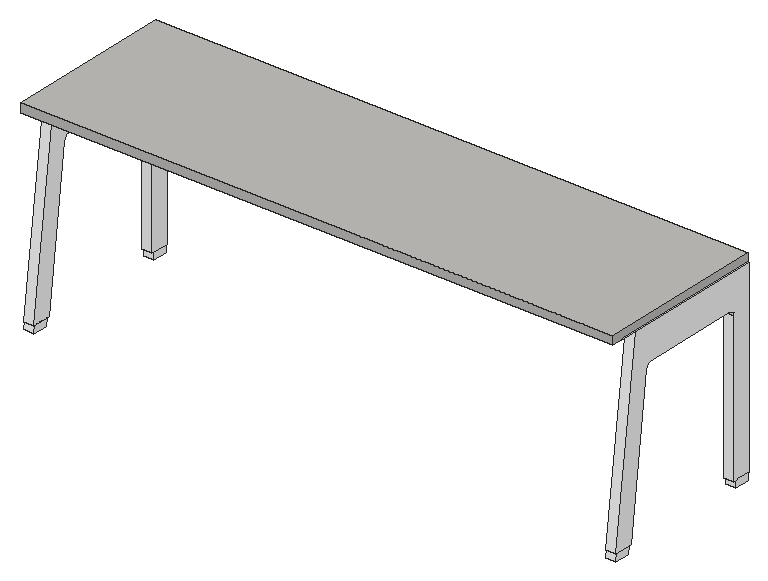
Revit family "Worksurface-Mounted-Teknion-JNWSSN-Single_Sided_Rectangular-R2016", category Furniture, Revit 2016
Family settings
  OmniClass Number = 23.40.20.00
  OmniClass Title = General Furniture and Specialties
  Work Plane-Based = No
  Always vertical = Yes
  Cut with Voids When Loaded = No
  Shared = Yes
  Room Calculation Point = No
Parameters (values of type "24" Depth")
  hiSpace Leg Width [instance] = if(or(hiSpace Leg 66 inch Width, hiSpace Leg 72 inch Width), 57.579", if(hiSpace Leg 48 inch Width, 39.579", if(hiSpace Leg 54 inch Width, 45.579", if(hiSpace Leg 60 inch Width, 51.579", 39.579"))))  # 39.579"
  hiSpace Leg Depth [instance] = if(Depth = 24.000", 23.165", if(Depth = 30.000", 29.165", 23.165"))  # 23.165"
  hiSpace Leg 72 inch Width [instance] = no
  hiSpace Leg 66 inch Width [instance] = no
  hiSpace Leg 60 inch Width [instance] = no
  hiSpace Leg 54 inch Width [instance] = no
  hiSpace Leg 48 inch Width [instance] = yes
  Worksurface Finish [instance] = Foundation Laminate - Teknion - LW - Storm White
  Width Note [instance] = "Widths for Single Sided Rectangular Worksurface vary in range from 24 to 81 inches in 3 inch increments and from 84 to 96 inches in 6 inch increments. Widths for the Single Sided Rectangular Cross Grain Worksurface vary in range from 24 to 60 inches in 3 inch increments."  # constant formula
  Width [instance] = 84.000"
  Warranty = "http://www.teknion.com/ca/papers/legal-canada"
  Unit Weight URL = "http://www.teknion.com/ca/tools/assets#&asset=bee6a381-b954-425e-8283-5a2de3a804f2,f828d448-4b62-4231-9e5f-9a8991c0ed77"
  URL = "www.teknion.com"
  Note [instance] = "Choose between a hiSpace Height Adjustable Base or a Freestanding Angled Leg"  # constant formula
  Model = "JNWSSN/JNWSCN"  # constant formula
  Leg Paint Finish [instance] = Mica - Teknion - V - Satin - Very White
  Height Note [instance] = "Height Adjustable Base has a maximum height of 50.5 inches and minimum height of 25.5 inches. Freestanding Leg comes in a standard height of 29."  # constant formula
  Has hiSpace Height Adjustable - Base Only [instance] = no
  Grommet Finish [instance] = Mica - Teknion - V - Satin - Very White
  Description = "Single-Sided Retangular Worksurface"  # constant formula
  Base Finish [instance] = Mica - Teknion - V - Satin - Very White
  Accessory Note [instance] = "Power and Data Access options are not all available for every size. Refer to specification software for available options."  # constant formula
  Has Two Grommets [instance] = no
  Sustainability Data = "http://www.teknion.com/ca/tools/assets#&topic=216f99a5-57a0-44fc-b10a-9dee9b29ae4c&asset=444deb64-fe58-4b68-981e-f75e97781df7"
  Series = "Expansion Cityline"  # constant formula
  Right Square Cut-Out Hole Depth [instance] = if([Has Right Square Cut-Out & Center Grommet], 12.000", 1.000")  # 1.000"
  Has Right Square Cut-Out & Center Grommet [instance] = no
  Right Grommet Hole Depth [instance] = if(Has Two Grommets, 12.000", 1.000")  # 1.000"
  Right End Access Door Hole Depth [instance] = if(Has Right End Access Door & Center Grommet, 12.000", 1.000")  # 1.000"
  Access Door Finish [instance] = Mica - Teknion - V - Satin - Very White
  Access Door - Right Hole Depth [instance] = if(or(Has Right Access Door, Has Right Access Door & Center Grommet), 12.000", 1.000")  # 1.000"
  Product Page URL = "http://www.teknion.com/ca/products/product-details?productlineid=9ad2a26e-8e7a-673b-a6c8-ff05004460c4"
  Product Line = "Expansion Cityline"  # constant formula
  Product Documentation Link = "http://www.teknion.com/pricing/expansion-cityline/pdfs/JNWSSN_ppg.pdf"
  Part Number = "JNWSSN/JNWSCN"  # constant formula
  Has Right Freestanding Angled Leg [instance] = yes
  Has Right End Access Door & Center Grommet [instance] = no
  Has Right Access Door & Center Grommet [instance] = no
  Has One Grommet [instance] = no
  Has No Grommets & Accessories [instance] = yes
  Manufacturer Phone = "416-661-3370"  # constant formula
  Manufacturer Fax = "416.661.4586"  # constant formula
  Manufacturer Contact Information = "http://www.teknion.com/ca/contactus"
  Manufacturer Address = "1150 Flint Road, Toronto, ON. M3J 2J5. Canada"  # constant formula
  Manufacturer = "Teknion"  # constant formula
  Left Square Cut-Out Hole Depth [instance] = if([Has Left Square Cut-Out & Center Grommet], 12.000", 1.000")  # 1.000"
  Has Left Square Cut-Out & Center Grommet [instance] = no
  Left Grommet Hole Depth [instance] = if(Has Two Grommets, 12.000", 1.000")  # 1.000"
  Left End Access Door Hole Depth [instance] = if(Has Left End Access Door & Center Grommet, 12.000", 1.000")  # 1.000"
  Height [instance] = 29.000"
  Has Left Freestanding Angled Leg [instance] = yes
  Has Left End Access Door & Center Grommet [instance] = no
  Has Left Access Door & Center Grommet [instance] = no
  Has Left Access Door [instance] = no
  Has Right Access Door [instance] = no
  Centre Grommet Hole Depth [instance] = if(or(Has One Grommet, Has Left Access Door & Center Grommet, Has Right Access Door & Center Grommet, Has Left End Access Door & Center Grommet, Has Right End Access Door & Center Grommet, [Has Left Square Cut-Out & Center Grommet], [Has Right Square Cut-Out & Center Grommet]), 12.000", 1.000")  # 1.000"
  Depth = 24.000"
  Centre Grommet Cap [instance] = or(Has One Grommet, Has Left Access Door & Center Grommet, Has Right Access Door & Center Grommet, Has Left End Access Door & Center Grommet, Has Right End Access Door & Center Grommet, [Has Left Square Cut-Out & Center Grommet], [Has Right Square Cut-Out & Center Grommet])  # no
  Assembly Code = "E2020200"
  Has Center Access Door [instance] = no
  Access Door - Center Hole Depth [instance] = if(Has Center Access Door, 12.000", 1.000")  # 1.000"
  Access Door - Right [instance] = or(Has Right Access Door, Has Right Access Door & Center Grommet)  # no
  Access Door - Left Hole Depth [instance] = if(or(Has Left Access Door, Has Left Access Door & Center Grommet), 12.000", 1.000")  # 1.000"
  Access Door - Left [instance] = or(Has Left Access Door, Has Left Access Door & Center Grommet)  # no
Reference planes (in)
  plane 1 "Center Front/Back": y = 35.78173
  plane 2: z = 0
  plane 3 "Center Left/Right": x = 0
  plane 4 "Left": x = -42
  plane 5 "Right": x = 42
  plane 6 "Back": y = 47.78173
  plane 7 "Front": y = 23.78173
  plane 8 "Top": z = 29
  plane 9: z = 27.81102
  plane 10: z = 31.36625
  plane 11: z = 27.69291
  plane 12: x = -40.5
  plane 13: x = 40.5
  plane 14: z = 0.97598
  plane 15: z = 0.14134
  plane 16: z = 25.92126
  plane 17: z = 25.52756
  plane 18: z = 20.67677
  plane 19: y = 44.99039
  plane 20: y = 29.24236
  plane 21 "1": x = -19.56697
  plane 22 "2": x = -17.40161
  plane 23 "hiSpace Left": x = -19.7895
  plane 24 "hiSpace Right": x = 19.7895
  plane 25 "hiSpace Back": y = 46.6969
  plane 26 "hiSpace Front": y = 23.5319
  plane 27: y = 35.1144
Forms (in)
  Extrusion 1, solid, material "Foundation Laminate - Teknion - LW - Storm White" <- "Worksurface Finish"
    sketch origin (0, 0, 0) x (1, 0, 0) y (0, 1, 0)
      loop
        line (-42, 47.78173) -> (-42, 23.78173) -> (42, 23.78173) -> (42, 47.78173) -> (-42, 47.78173)
    from 27.81102 to 29
  Extrusion 2, void
    sketch origin (0, 0, 0) x (1, 0, 0) y (0, 1, 0)
      loop
        line (-3.32716, 43.81006) -> (-3.32716, 40.96599) -> (3.32716, 40.96599) -> (3.32716, 43.81006) -> (-3.32716, 43.81006)
    from 30.36625 to 31.36625
  Extrusion 3, solid, material "Mica - Teknion - V - Satin - Very White" <- "Grommet Finish", visible <- "Centre Grommet Cap"
    sketch origin (0, 0, 0) x (1, 0, 0) y (0, 1, 0)
      loop
        line (-3.32716, 43.81006) -> (-3.32716, 40.96599) -> (-0.47893, 40.96599) -> (-0.47893, 43.81006) -> (-3.32716, 43.81006)
    from 29 to 29.15748
  Extrusion 4, solid, material "Mica - Teknion - V - Satin - Very White" <- "Grommet Finish", visible <- "Centre Grommet Cap"
    sketch origin (0, 0, 0) x (1, 0, 0) y (0, 1, 0)
      loop
        line (-0.47893, 43.81006) -> (-0.47893, 42.6007) -> (1.79967, 42.6007) -> (1.79967, 42.17535) -> (-0.47893, 42.17535) -> (-0.47893, 40.96599) -> (3.32716, 40.96599) -> (3.32716, 43.81006) -> (-0.47893, 43.81006)
    from 29 to 29.15748
  Extrusion 5, solid, material "Mica - Teknion - V - Satin - Very White" <- "Grommet Finish", visible <- "Has Two Grommets"
    sketch origin (-36, 0, 0) x (1, 0, 0) y (0, 1, 0)
      loop
        line (2.67284, 43.81006) -> (2.67284, 40.96599) -> (5.52107, 40.96599) -> (5.52107, 43.81006) -> (2.67284, 43.81006)
    from 29 to 29.07874
  Extrusion 6, solid, material "Mica - Teknion - V - Satin - Very White" <- "Grommet Finish", visible <- "Has Two Grommets"
    sketch origin (-36, 0, 0) x (1, 0, 0) y (0, 1, 0)
      loop
        line (5.52107, 43.81006) -> (5.52107, 42.6007) -> (7.79967, 42.6007) -> (7.79967, 42.17535) -> (5.52107, 42.17535) -> (5.52107, 40.96599) -> (9.32716, 40.96599) -> (9.32716, 43.81006) -> (5.52107, 43.81006)
    from 29 to 29.07874
  Extrusion 7, solid, material "Mica - Teknion - V - Satin - Very White" <- "Grommet Finish", visible <- "Has Two Grommets"
    sketch origin (36, 0, 0) x (-1, 0, 0) y (0, -1, 0)
      loop
        line (2.67284, -43.81006) -> (5.52107, -43.81006) -> (5.52107, -40.96599) -> (2.67284, -40.96599) -> (2.67284, -43.81006)
    from 29 to 29.07874
  Extrusion 8, solid, material "Mica - Teknion - V - Satin - Very White" <- "Grommet Finish", visible <- "Has Two Grommets"
    sketch origin (36, 0, 0) x (-1, 0, 0) y (0, -1, 0)
      loop
        line (5.52107, -43.81006) -> (9.32716, -43.81006) -> (9.32716, -40.96599) -> (5.52107, -40.96599) -> (5.52107, -42.17535) -> (7.79967, -42.17535) -> (7.79967, -42.6007) -> (5.52107, -42.6007) -> (5.52107, -43.81006)
    from 29 to 29.07874
  Extrusion 9, void
    sketch origin (0, 0, 0) x (1, 0, 0) y (0, 1, 0)
      loop
        line (-33.32716, 43.81006) -> (-33.32716, 40.96599) -> (-26.67284, 40.96599) -> (-26.67284, 43.81006) -> (-33.32716, 43.81006)
    from 30.36625 to 31.36625
  Extrusion 10, void
    sketch origin (0, 0, 0) x (1, 0, 0) y (0, 1, 0)
      loop
        line (26.67284, 43.81006) -> (26.67284, 40.96599) -> (33.32716, 40.96599) -> (33.32716, 43.81006) -> (26.67284, 43.81006)
    from 30.36625 to 31.36625
  Extrusion 11, solid, material "Foundation Laminate - Teknion - LW - Storm White" <- "Worksurface Finish", visible <- "Has Left Square Cut-Out & Center Grommet"
    sketch origin (0, 0, 0) x (1, 0, 0) y (0, 1, 0)
      loop
        line (-29.05276, 41.80141) -> (-29.05276, 42.97464)
        arc (-29.05276, 42.97464) -> (-29.15838, 43.22964) -> (-29.41339, 43.33527) r 0.36063
        line (-29.41339, 43.33527) -> (-30.58661, 43.33527)
        arc (-30.58661, 43.33527) -> (-30.84162, 43.22964) -> (-30.94724, 42.97464) r 0.36063
        line (-30.94724, 42.97464) -> (-30.94724, 41.80141)
        arc (-30.94724, 41.80141) -> (-30.84162, 41.54641) -> (-30.58661, 41.44078) r 0.36063
        line (-30.58661, 41.44078) -> (-29.41339, 41.44078)
        arc (-29.41339, 41.44078) -> (-29.15838, 41.54641) -> (-29.05276, 41.80141) r 0.36063
      loop
        arc (-30.58661, 43.2644) -> (-30.79151, 43.17953) -> (-30.87638, 42.97464) r 0.28976
        line (-30.87638, 42.97464) -> (-30.87638, 41.80141)
        arc (-30.87638, 41.80141) -> (-30.79151, 41.59652) -> (-30.58661, 41.51165) r 0.28976
        line (-30.58661, 41.51165) -> (-29.41339, 41.51165)
        arc (-29.41339, 41.51165) -> (-29.20849, 41.59652) -> (-29.12362, 41.80141) r 0.28976
        line (-29.12362, 41.80141) -> (-29.12362, 42.97464)
        arc (-29.12362, 42.97464) -> (-29.20849, 43.17953) -> (-29.41339, 43.2644) r 0.28976
        line (-29.41339, 43.2644) -> (-30.58661, 43.2644)
    from 27.44488 to 29
  Extrusion 12, void
    sketch origin (0, 0, 0) x (1, 0, 0) y (0, 1, 0)
      loop
        arc (-30.58661, 43.33527) -> (-30.84162, 43.22964) -> (-30.94724, 42.97464) r 0.36063
        line (-30.94724, 42.97464) -> (-30.94724, 41.80141)
        arc (-30.94724, 41.80141) -> (-30.84162, 41.54641) -> (-30.58661, 41.44078) r 0.36063
        line (-30.58661, 41.44078) -> (-29.41339, 41.44078)
        arc (-29.41339, 41.44078) -> (-29.15838, 41.54641) -> (-29.05276, 41.80141) r 0.36063
        line (-29.05276, 41.80141) -> (-29.05276, 42.97464)
        arc (-29.05276, 42.97464) -> (-29.15838, 43.22964) -> (-29.41339, 43.33527) r 0.36063
        line (-29.41339, 43.33527) -> (-30.58661, 43.33527)
    from 30.36625 to 31.36625
  Extrusion 13, solid, material "Foundation Laminate - Teknion - LW - Storm White" <- "Worksurface Finish", visible <- "Has Right Square Cut-Out & Center Grommet"
    sketch origin (0, 0, 0) x (-1, 0, 0) y (0, -1, 0)
      loop
        arc (-29.05276, -41.80141) -> (-29.15838, -41.54641) -> (-29.41339, -41.44078) r 0.36063
        line (-29.41339, -41.44078) -> (-30.58661, -41.44078)
        arc (-30.58661, -41.44078) -> (-30.84162, -41.54641) -> (-30.94724, -41.80141) r 0.36063
        line (-30.94724, -41.80141) -> (-30.94724, -42.97464)
        arc (-30.94724, -42.97464) -> (-30.84162, -43.22964) -> (-30.58661, -43.33527) r 0.36063
        line (-30.58661, -43.33527) -> (-29.41339, -43.33527)
        arc (-29.41339, -43.33527) -> (-29.15838, -43.22964) -> (-29.05276, -42.97464) r 0.36063
        line (-29.05276, -42.97464) -> (-29.05276, -41.80141)
      loop
        line (-30.58661, -43.2644) -> (-29.41339, -43.2644)
        arc (-29.41339, -43.2644) -> (-29.20849, -43.17953) -> (-29.12362, -42.97464) r 0.28976
        line (-29.12362, -42.97464) -> (-29.12362, -41.80141)
        arc (-29.12362, -41.80141) -> (-29.20849, -41.59652) -> (-29.41339, -41.51165) r 0.28976
        line (-29.41339, -41.51165) -> (-30.58661, -41.51165)
        arc (-30.58661, -41.51165) -> (-30.79151, -41.59652) -> (-30.87638, -41.80141) r 0.28976
        line (-30.87638, -41.80141) -> (-30.87638, -42.97464)
        arc (-30.87638, -42.97464) -> (-30.79151, -43.17953) -> (-30.58661, -43.2644) r 0.28976
    from 29 to 29.07874
  Extrusion 14, void
    sketch origin (0, 0, 0) x (-1, 0, 0) y (0, -1, 0)
      loop
        line (-30.58661, -43.33527) -> (-29.41339, -43.33527)
        arc (-29.41339, -43.33527) -> (-29.15838, -43.22964) -> (-29.05276, -42.97464) r 0.36063
        line (-29.05276, -42.97464) -> (-29.05276, -41.80141)
        arc (-29.05276, -41.80141) -> (-29.15838, -41.54641) -> (-29.41339, -41.44078) r 0.36063
        line (-29.41339, -41.44078) -> (-30.58661, -41.44078)
        arc (-30.58661, -41.44078) -> (-30.84162, -41.54641) -> (-30.94724, -41.80141) r 0.36063
        line (-30.94724, -41.80141) -> (-30.94724, -42.97464)
        arc (-30.94724, -42.97464) -> (-30.84162, -43.22964) -> (-30.58661, -43.33527) r 0.36063
    from 30.36625 to 31.36625
  Extrusion 15, solid, material "Mica - Teknion - V - Satin - Very White" <- "Access Door Finish", visible <- "Has Center Access Door"
    sketch origin (0, 0, 29) x (-1, 0, 0) y (0, -1, 0)
      loop
        line (-4.40945, -45.19511) -> (4.40945, -45.19511) -> (4.40945, -39.36834) -> (-4.40945, -39.36834) -> (-4.40945, -45.19511)
      loop
        line (-4.72441, -45.51007) -> (4.72441, -45.51007) -> (4.72441, -39.05338) -> (-4.72441, -39.05338) -> (-4.72441, -45.51007)
    from 0 to 0.07874
  Extrusion 16, solid, material "Mica - Teknion - V - Satin - Very White" <- "Access Door Finish", visible <- "Has Center Access Door"
    sketch origin (0, 0, 29) x (-1, 0, 0) y (0, -1, 0)
      loop
        line (4.37008, -44.66362) -> (4.37008, -39.89984) -> (-4.37008, -39.89984) -> (-4.37008, -44.66362) -> (4.37008, -44.66362)
    from 0 to 0.07874
  Extrusion 17, void
    sketch origin (0, 0, 0) x (1, 0, 0) y (0, 1, 0)
      loop
        line (-4.72441, 45.51007) -> (-4.72441, 39.05338) -> (4.72441, 39.05338) -> (4.72441, 45.51007) -> (-4.72441, 45.51007)
    from 30.36625 to 31.36625
  Extrusion 18, solid, material "Mica - Teknion - V - Satin - Very White" <- "Access Door Finish", visible <- "Access Door - Left"
    sketch origin (-33, 0, 29) x (-1, 0, 0) y (0, -1, 0)
      loop
        line (-10.40945, -45.19511) -> (-1.59055, -45.19511) -> (-1.59055, -39.36834) -> (-10.40945, -39.36834) -> (-10.40945, -45.19511)
      loop
        line (-10.72441, -45.51007) -> (-1.27559, -45.51007) -> (-1.27559, -39.05338) -> (-10.72441, -39.05338) -> (-10.72441, -45.51007)
    from 0 to 0.07874
  Extrusion 19, solid, material "Mica - Teknion - V - Satin - Very White" <- "Access Door Finish", visible <- "Access Door - Left"
    sketch origin (-33, 0, 29) x (-1, 0, 0) y (0, -1, 0)
      loop
        line (-1.62992, -44.66362) -> (-1.62992, -39.89984) -> (-10.37008, -39.89984) -> (-10.37008, -44.66362) -> (-1.62992, -44.66362)
    from 0 to 0.07874
  Extrusion 20, void
    sketch origin (-33, 0, 0) x (1, 0, 0) y (0, 1, 0)
      loop
        line (1.27559, 45.51007) -> (1.27559, 39.05338) -> (10.72441, 39.05338) -> (10.72441, 45.51007) -> (1.27559, 45.51007)
    from 30.36625 to 31.36625
  Extrusion 21, solid, material "Mica - Teknion - V - Satin - Very White" <- "Access Door Finish", visible <- "Access Door - Right"
    sketch origin (33, 0, 29) x (1, 0, 0) y (0, 1, 0)
      loop
        line (-10.40945, 45.19511) -> (-10.40945, 39.36834) -> (-1.59055, 39.36834) -> (-1.59055, 45.19511) -> (-10.40945, 45.19511)
      loop
        line (-10.72441, 45.51007) -> (-10.72441, 39.05338) -> (-1.27559, 39.05338) -> (-1.27559, 45.51007) -> (-10.72441, 45.51007)
    from 0 to 0.07874
  Extrusion 22, solid, material "Mica - Teknion - V - Satin - Very White" <- "Access Door Finish", visible <- "Access Door - Right"
    sketch origin (33, 0, 29) x (1, 0, 0) y (0, 1, 0)
      loop
        line (-1.62992, 44.66362) -> (-10.37008, 44.66362) -> (-10.37008, 39.89984) -> (-1.62992, 39.89984) -> (-1.62992, 44.66362)
    from 0 to 0.07874
  Extrusion 23, void
    sketch origin (33, 0, 0) x (-1, 0, 0) y (0, -1, 0)
      loop
        line (1.27559, -45.51007) -> (10.72441, -45.51007) -> (10.72441, -39.05338) -> (1.27559, -39.05338) -> (1.27559, -45.51007)
    from 30.36625 to 31.36625
  Extrusion 24, solid, material "Mica - Teknion - V - Satin - Very White" <- "Access Door Finish", visible <- "Has Left End Access Door & Center Grommet"
    sketch origin (-84.79452, 32.78173, 29) x (0, 1, 0) y (-1, 0, 0)
      loop
        line (-1.40945, -51.19511) -> (7.40945, -51.19511) -> (7.40945, -45.36834) -> (-1.40945, -45.36834) -> (-1.40945, -51.19511)
      loop
        line (-1.72441, -51.51007) -> (7.72441, -51.51007) -> (7.72441, -45.05338) -> (-1.72441, -45.05338) -> (-1.72441, -51.51007)
    from 0 to 0.07874
  Extrusion 25, solid, material "Mica - Teknion - V - Satin - Very White" <- "Access Door Finish", visible <- "Has Left End Access Door & Center Grommet"
    sketch origin (-84.79452, 32.78173, 29) x (0, 1, 0) y (-1, 0, 0)
      loop
        line (7.37008, -50.66362) -> (7.37008, -45.89984) -> (-1.37008, -45.89984) -> (-1.37008, -50.66362) -> (7.37008, -50.66362)
    from 0 to 0.07874
  Extrusion 26, void
    sketch origin (-84.79452, 32.78173, 0) x (0, -1, 0) y (1, 0, 0)
      loop
        line (-7.72441, 51.51007) -> (-7.72441, 45.05338) -> (1.72441, 45.05338) -> (1.72441, 51.51007) -> (-7.72441, 51.51007)
    from 30.36625 to 31.36625
  Extrusion 27, solid, material "Mica - Teknion - V - Satin - Very White" <- "Access Door Finish", visible <- "Has Right End Access Door & Center Grommet"
    sketch origin (84.79452, 32.78173, 29) x (0, 1, 0) y (-1, 0, 0)
      loop
        line (-1.40945, 51.19511) -> (-1.40945, 45.36834) -> (7.40945, 45.36834) -> (7.40945, 51.19511) -> (-1.40945, 51.19511)
      loop
        line (-1.72441, 51.51007) -> (-1.72441, 45.05338) -> (7.72441, 45.05338) -> (7.72441, 51.51007) -> (-1.72441, 51.51007)
    from 0 to 0.07874
  Extrusion 28, solid, material "Mica - Teknion - V - Satin - Very White" <- "Access Door Finish", visible <- "Has Right End Access Door & Center Grommet"
    sketch origin (84.79452, 32.78173, 29) x (0, 1, 0) y (-1, 0, 0)
      loop
        line (7.37008, 50.66362) -> (-1.37008, 50.66362) -> (-1.37008, 45.89984) -> (7.37008, 45.89984) -> (7.37008, 50.66362)
    from 0 to 0.07874
  Extrusion 29, void
    sketch origin (84.79452, 32.78173, 0) x (0, -1, 0) y (1, 0, 0)
      loop
        line (-7.72441, -51.51007) -> (1.72441, -51.51007) -> (1.72441, -45.05338) -> (-7.72441, -45.05338) -> (-7.72441, -51.51007)
    from 30.36625 to 31.36625
  Extrusion 30, solid, material "Mica - Teknion - V - Satin - Very White" <- "Leg Paint Finish", visible <- "Has Left Freestanding Angled Leg"
    sketch origin (0, 0, 0) x (1, 0, 0) y (0, 1, 0)
      loop
        line (-39.79528, 47.78173) -> (-42, 47.78173) -> (-42, 25.36867) -> (-37.03937, 25.36867) -> (-37.03937, 46.28173) -> (-39.79528, 46.28173) -> (-39.79528, 47.78173)
    from 27.69291 to 27.81102
  Extrusion 31, solid, material "Mica - Teknion - V - Satin - Very White" <- "Leg Paint Finish", visible <- "Has Left Freestanding Angled Leg"
    sketch origin (-42, 60, 48) x (0, 1, 0) y (0, 0, 1)
      loop
        line (-14.71827, -47) -> (-12.21827, -47) -> (-12.21827, -20.30709) -> (-32.11165, -20.30709) -> (-35.62584, -47) -> (-33.10426, -47) -> (-30.33101, -25.93504)
        arc (-30.33101, -25.93504) -> (-30.04454, -25.3991) -> (-29.4758, -25.18504) r 0.86259
        line (-29.4758, -25.18504) -> (-15.46827, -25.18504)
        arc (-15.46827, -25.18504) -> (-14.93794, -25.40471) -> (-14.71827, -25.93504) r 0.75
        line (-14.71827, -25.93504) -> (-14.71827, -47)
    from 0 to 1.5
  Extrusion 32, solid, material "Mica - Teknion - V - Satin - Very White" <- "Leg Paint Finish", visible <- "Has Right Freestanding Angled Leg"
    sketch origin (42, 60, 48) x (0, 1, 0) y (0, 0, -1)
      loop
        line (-14.71827, 47) -> (-14.71827, 25.93504)
        arc (-14.71827, 25.93504) -> (-14.93794, 25.40471) -> (-15.46827, 25.18504) r 0.75
        line (-15.46827, 25.18504) -> (-29.4758, 25.18504)
        arc (-29.4758, 25.18504) -> (-30.04454, 25.3991) -> (-30.33101, 25.93504) r 0.86259
        line (-30.33101, 25.93504) -> (-33.10426, 47) -> (-35.62584, 47) -> (-32.11165, 20.30709) -> (-12.21827, 20.30709) -> (-12.21827, 47) -> (-14.71827, 47)
    from 0 to 1.5
  Extrusion 33, solid, material "Mica - Teknion - V - Satin - Very White" <- "Leg Paint Finish", visible <- "Has Right Freestanding Angled Leg"
    sketch origin (0, 0, 0) x (-1, 0, 0) y (0, -1, 0)
      loop
        line (-39.79528, -47.78173) -> (-39.79528, -46.28173) -> (-37.03937, -46.28173) -> (-37.03937, -25.36867) -> (-42, -25.36867) -> (-42, -47.78173) -> (-39.79528, -47.78173)
    from 27.69291 to 27.81102
  Extrusion 34, solid, material "Mica - Teknion - V - Satin - Very White" <- "Leg Paint Finish", visible <- "Has Left Freestanding Angled Leg"
    sketch origin (-42, 60, 48) x (0, 1, 0) y (0, 0, 1)
      loop
        line (-12.35607, -47) -> (-14.37237, -47) -> (-14.37237, -48) -> (-12.35607, -48) -> (-12.35607, -47)
    from 0 to 1.5
  Extrusion 35, solid, material "Mica - Teknion - V - Satin - Very White" <- "Leg Paint Finish", visible <- "Has Left Freestanding Angled Leg"
    sketch origin (-42, 60, 48) x (0, 1, 0) y (0, 0, 1)
      loop
        line (-33.58482, -48) -> (-33.45317, -47) -> (-35.48685, -47) -> (-35.6185, -48) -> (-33.58482, -48)
    from 0 to 1.5
  Extrusion 36, solid, material "Mica - Teknion - V - Satin - Very White" <- "Leg Paint Finish", visible <- "Has Right Freestanding Angled Leg"
    sketch origin (42, 60, 48) x (0, 1, 0) y (0, 0, -1)
      loop
        line (-33.58482, 48) -> (-35.6185, 48) -> (-35.48685, 47) -> (-33.45317, 47) -> (-33.58482, 48)
    from 0 to 1.5
  Extrusion 37, solid, material "Mica - Teknion - V - Satin - Very White" <- "Leg Paint Finish", visible <- "Has Right Freestanding Angled Leg"
    sketch origin (42, 11.56345, 48) x (0, -1, 0) y (0, 0, 1)
      loop
        line (-36.08048, -47) -> (-36.08048, -48) -> (-34.06418, -48) -> (-34.06418, -47) -> (-36.08048, -47)
    from 0 to 1.5
  Extrusion 38, solid, material "Mica - Teknion - V - Satin - Very White" <- "Base Finish", visible <- "Has hiSpace Height Adjustable - Base Only"
    sketch origin (-0.03543, 17.61773, 1.16499) x (-1, 0, 0) y (0, 1, 0)
      loop
        line (19.11627, 29.07918) -> (17.14777, 29.07918)
        arc (17.14777, 29.07918) -> (16.69678, 28.89237) -> (16.50997, 28.44138) r 0.6378
        line (16.50997, 28.44138) -> (16.50997, 6.55197)
        arc (16.50997, 6.55197) -> (16.69678, 6.10098) -> (17.14777, 5.91418) r 0.6378
        line (17.14777, 5.91418) -> (19.11627, 5.91418)
        arc (19.11627, 5.91418) -> (19.56726, 6.10098) -> (19.75407, 6.55197) r 0.6378
        line (19.75407, 6.55197) -> (19.75407, 28.44138)
        arc (19.75407, 28.44138) -> (19.56726, 28.89237) -> (19.11627, 29.07918) r 0.6378
    from 0.189 to 1.02365
  Extrusion 39, solid, material "Mica - Teknion - V - Satin - Very White" <- "Base Finish", visible <- "Has hiSpace Height Adjustable - Base Only"
    sketch origin (-0.03543, 0, 0) x (1, 0, 0) y (0, 1, 0)
      loop
        circle (-18.13325, 24.75717) r 1
    from 0 to 0.14134
  Extrusion 40, solid, material "Mica - Teknion - V - Satin - Very White" <- "Base Finish", visible <- "Has hiSpace Height Adjustable - Base Only"
    sketch origin (-0.03543, 68.22881, 0) x (1, 0, 0) y (0, 1, 0)
      loop
        circle (-18.13325, -22.76448) r 1
    from 0 to 0.14134
  Extrusion 41, solid, material "Mica - Teknion - V - Satin - Very White" <- "Base Finish", visible <- "Has hiSpace Height Adjustable - Base Only"
    sketch origin (-0.03543, 0, 0.189) x (1, 0, 0) y (0, 1, 0)
      loop
        line (19.18714, 46.6969) -> (17.21863, 46.6969)
        arc (17.21863, 46.6969) -> (16.76764, 46.5101) -> (16.58084, 46.05911) r 0.6378
        line (16.58084, 46.05911) -> (16.58084, 24.1697)
        arc (16.58084, 24.1697) -> (16.76764, 23.71871) -> (17.21863, 23.5319) r 0.6378
        line (17.21863, 23.5319) -> (19.18714, 23.5319)
        arc (19.18714, 23.5319) -> (19.63813, 23.71871) -> (19.82493, 24.1697) r 0.6378
        line (19.82493, 24.1697) -> (19.82493, 46.05911)
        arc (19.82493, 46.05911) -> (19.63813, 46.5101) -> (19.18714, 46.6969) r 0.6378
    from -0.04766 to 0.78698
  Extrusion 42, solid, material "Mica - Teknion - V - Satin - Very White" <- "Base Finish", visible <- "Has hiSpace Height Adjustable - Base Only"
    sketch origin (-0.03543, 0, 0) x (-1, 0, 0) y (0, -1, 0)
      loop
        circle (-18.2027, -24.75717) r 1
    from 0 to 0.14134
  Extrusion 43, solid, material "Mica - Teknion - V - Satin - Very White" <- "Base Finish", visible <- "Has hiSpace Height Adjustable - Base Only"
    sketch origin (-0.03543, 68.22881, 0) x (-1, 0, 0) y (0, -1, 0)
      loop
        circle (-18.20313, 22.76448) r 1
    from 0 to 0.14134
  Extrusion 44, solid, material "Mica - Teknion - V - Satin - Very White" <- "Base Finish", visible <- "Has hiSpace Height Adjustable - Base Only"
    sketch origin (-0.03543, 0, -0.189) x (1, 0, 0) y (0, 1, 0)
      loop
        line (-20.01981, 38.69118) -> (-20.01981, 35.54157) -> (-16.24029, 35.54157) -> (-16.24029, 38.69118) -> (-20.01981, 38.69118)
    from 25.71656 to 26.11026
  Extrusion 45, solid, material "Mica - Teknion - V - Satin - Very White" <- "Base Finish", visible <- "Has hiSpace Height Adjustable - Base Only"
    sketch origin (-0.03543, 0, 0) x (1, 0, 0) y (0, 1, 0)
      loop
        line (-19.50997, 38.49236) -> (-19.50997, 35.73645) -> (-16.75407, 35.73645) -> (-16.75407, 38.49236) -> (-19.50997, 38.49236)
    from 0.97598 to 20.67677
  Extrusion 46, solid, material "Mica - Teknion - V - Satin - Very White" <- "Base Finish", visible <- "Has hiSpace Height Adjustable - Base Only"
    sketch origin (-0.03543, 0, 0) x (1, 0, 0) y (0, 1, 0)
      loop
        line (-19.30525, 38.28763) -> (-19.30525, 35.94118) -> (-16.95879, 35.94118) -> (-16.95879, 38.28763) -> (-19.30525, 38.28763)
    from 20.67677 to 25.52756
  Extrusion 47, solid, material "Mica - Teknion - V - Satin - Very White" <- "Base Finish", visible <- "Has hiSpace Height Adjustable - Base Only"
    sketch origin (-25.27559, -180, 25.35425) x (0, -1, 0) y (-1, 0, 0)
      loop
        line (-219.01598, -4.94475) -> (-219.01598, -13.05499) -> (-215.21283, -13.05499) -> (-215.21283, -4.94475) -> (-219.01598, -4.94475)
    from -0.56701 to -2.45677
  Extrusion 48, solid, material "Mica - Teknion - V - Satin - Very White" <- "Base Finish", visible <- "Has hiSpace Height Adjustable - Base Only"
    sketch origin (-0.03543, 32.78173, -0.189) x (1, 0, 0) y (0, 0, 1)
      loop
        line (-21.3584, 26.81892) -> (-20.41352, 26.81892)
        arc (-20.41352, 26.81892) -> (-20.33, 26.85352) -> (-20.29541, 26.93703) r 0.11811
        line (-20.29541, 26.93703) -> (-20.29541, 27.88192)
        arc (-20.29541, 27.88192) -> (-20.33, 27.96543) -> (-20.41352, 28.00003) r 0.11811
        line (-20.41352, 28.00003) -> (-21.3584, 28.00003)
        arc (-21.3584, 28.00003) -> (-21.44191, 27.96543) -> (-21.47651, 27.88192) r 0.11811
        line (-21.47651, 27.88192) -> (-21.47651, 26.93703)
        arc (-21.47651, 26.93703) -> (-21.44191, 26.85352) -> (-21.3584, 26.81892) r 0.11811
    from -12.20866 to 3.53937
  Extrusion 49, solid, material "Mica - Teknion - V - Satin - Very White" <- "Base Finish", visible <- "Has hiSpace Height Adjustable - Base Only"
    sketch origin (-36.03543, 60, 47.62199) x (0, 1, 0) y (0, 0, 1)
      loop
        arc (-25.96473, -20.87396) -> (-25.93014, -20.95748) -> (-25.84662, -20.99207) r 0.11811
        line (-25.84662, -20.99207) -> (-24.90174, -20.99207)
        arc (-24.90174, -20.99207) -> (-24.81822, -20.95748) -> (-24.78363, -20.87396) r 0.11811
        line (-24.78363, -20.87396) -> (-24.78363, -19.92908)
        arc (-24.78363, -19.92908) -> (-24.81822, -19.84556) -> (-24.90174, -19.81097) r 0.11811
        line (-24.90174, -19.81097) -> (-25.84662, -19.81097)
        arc (-25.84662, -19.81097) -> (-25.93014, -19.84556) -> (-25.96473, -19.92908) r 0.11811
        line (-25.96473, -19.92908) -> (-25.96473, -20.87396)
    from 15.83845 to 56.30328
  Extrusion 50, solid, material "Mica - Teknion - V - Satin - Very White" <- "Base Finish", visible <- "Has hiSpace Height Adjustable - Base Only"
    sketch origin (-36.03543, 64.9811, 47.62199) x (0, 1, 0) y (0, 0, 1)
      loop
        arc (-25.96473, -20.87396) -> (-25.93014, -20.95748) -> (-25.84662, -20.99207) r 0.11811
        line (-25.84662, -20.99207) -> (-24.90174, -20.99207)
        arc (-24.90174, -20.99207) -> (-24.81822, -20.95748) -> (-24.78363, -20.87396) r 0.11811
        line (-24.78363, -20.87396) -> (-24.78363, -19.92908)
        arc (-24.78363, -19.92908) -> (-24.81822, -19.84556) -> (-24.90174, -19.81097) r 0.11811
        line (-24.90174, -19.81097) -> (-25.84662, -19.81097)
        arc (-25.84662, -19.81097) -> (-25.93014, -19.84556) -> (-25.96473, -19.92908) r 0.11811
        line (-25.96473, -19.92908) -> (-25.96473, -20.87396)
    from 15.83845 to 56.30328
  Extrusion 51, solid, material "Mica - Teknion - V - Satin - Very White" <- "Base Finish", visible <- "Has hiSpace Height Adjustable - Base Only"
    sketch origin (-0.03543, 0, -0.189) x (-1, 0, 0) y (0, -1, 0)
      loop
        line (-20.09068, -35.53763) -> (-20.09068, -38.68724) -> (-16.31115, -38.68724) -> (-16.31115, -35.53763) -> (-20.09068, -35.53763)
    from 25.71656 to 26.11026
  Extrusion 52, solid, material "Mica - Teknion - V - Satin - Very White" <- "Base Finish", visible <- "Has hiSpace Height Adjustable - Base Only"
    sketch origin (0.03543, 0, 0) x (-1, 0, 0) y (0, -1, 0)
      loop
        line (-19.50997, -38.49236) -> (-16.75407, -38.49236) -> (-16.75407, -35.73645) -> (-19.50997, -35.73645) -> (-19.50997, -38.49236)
    from 0.97598 to 20.67677
  Extrusion 53, solid, material "Mica - Teknion - V - Satin - Very White" <- "Base Finish", visible <- "Has hiSpace Height Adjustable - Base Only"
    sketch origin (0.03543, 0, 0) x (-1, 0, 0) y (0, -1, 0)
      loop
        line (-19.30525, -38.28763) -> (-16.95879, -38.28763) -> (-16.95879, -35.94118) -> (-19.30525, -35.94118) -> (-19.30525, -38.28763)
    from 20.67677 to 25.52756
  Extrusion 54, solid, material "Mica - Teknion - V - Satin - Very White" <- "Base Finish", visible <- "Has hiSpace Height Adjustable - Base Only"
    sketch origin (25.20472, -180, 25.92126) x (0, 1, 0) y (1, 0, 0)
      loop
        line (219.01598, -4.87389) -> (215.21283, -4.87389) -> (215.21283, -12.98412) -> (219.01598, -12.98412) -> (219.01598, -4.87389)
    from 0 to -1.88976
  Extrusion 55, solid, material "Mica - Teknion - V - Satin - Very White" <- "Base Finish", visible <- "Has hiSpace Height Adjustable - Base Only"
    sketch origin (0.03543, 32.78173, -0.37801) x (-1, 0, 0) y (0, 0, -1)
      loop
        arc (-21.3584, -27.00793) -> (-21.44191, -27.04252) -> (-21.47651, -27.12604) r 0.11811
        line (-21.47651, -27.12604) -> (-21.47651, -28.07092)
        arc (-21.47651, -28.07092) -> (-21.44191, -28.15444) -> (-21.3584, -28.18903) r 0.11811
        line (-21.3584, -28.18903) -> (-20.41352, -28.18903)
        arc (-20.41352, -28.18903) -> (-20.33, -28.15444) -> (-20.29541, -28.07092) r 0.11811
        line (-20.29541, -28.07092) -> (-20.29541, -27.12604)
        arc (-20.29541, -27.12604) -> (-20.33, -27.04252) -> (-20.41352, -27.00793) r 0.11811
        line (-20.41352, -27.00793) -> (-21.3584, -27.00793)
    from -12.20866 to 3.53937
  Extrusion 56, solid, material "Mica - Teknion - V - Satin - Very White" <- "Base Finish", visible <- "Has hiSpace Height Adjustable - Base Only"
    sketch origin (-0.03543, 0, 28.811) x (-1, 0, 0) y (0, -1, 0)
      loop
        line (-5.54724, -35.20692) -> (-5.54724, -39.02582) -> (5.47638, -39.02582) -> (5.47638, -35.20692) -> (-5.54724, -35.20692)
    from -2.49997 to -1.11808
  Extrusion 57, solid, material "Plastic - Teknion - 52 - Ebony", visible <- "Has hiSpace Height Adjustable - Base Only"
    sketch origin (0, 0, 0) x (0, 1, 0) y (0, 0, 1)
      loop
        line (24.4307, 27.81102) -> (24.4307, 27.73228) -> (25.79551, 27.73228) -> (25.79551, 27.81102) -> (24.4307, 27.81102)
      loop
        line (24.32353, 27.64222) -> (24.70706, 27.42079)
        arc (24.70706, 27.42079) -> (24.77405, 27.39756) -> (24.84492, 27.39957) r 0.19685
        line (24.84492, 27.39957) -> (25.85456, 27.61417) -> (26.38606, 27.61417) -> (26.38606, 27.7126) -> (24.36416, 27.7126) -> (24.32353, 27.64222)
    from -19.56697 to -17.40161
  Sweep 58, solid, material "Plastic - Teknion - 52 - Ebony", visible <- "Has hiSpace Height Adjustable - Base Only"
    path origin (-42, 62.92469, 48) x (0, 1, 0) y (0, 0, 1)
      loop
        line (-38.36821, -20.44916) -> (-38.7108, -20.25137)
    profile origin (-42, 24.38519, 27.64974) x (0, -0.5, -0.866025) y (1, 0, 0)
      loop
        line (0.88313, 22.53077) -> (0.88313, 24.50065)
        arc (0.88313, 24.50065) -> (0.82603, 24.63851) -> (0.68817, 24.69561) r 0.19496
        line (0.68817, 24.69561) -> (0.19496, 24.69561)
        arc (0.19496, 24.69561) -> (0.0571, 24.63851) -> (0, 24.50065) r 0.19496
        line (0, 24.50065) -> (0, 22.53073)
        arc (0, 22.53073) -> (0.0675, 22.3886) -> (0.21573, 22.33581) r 0.20561
        line (0.21573, 22.33581) -> (0.68817, 22.33581)
        arc (0.68817, 22.33581) -> (0.82603, 22.39291) -> (0.88313, 22.53077) r 0.19496
Cuts and joins
  Extrusion 14, Extrusion 23, Extrusion 26 cuts Extrusion 5
  Extrusion 14, Extrusion 23, Extrusion 26 cuts Extrusion 6
  Extrusion 14, Extrusion 23, Extrusion 26 cuts Extrusion 11
  Extrusion 20 cuts Extrusion 3
  Extrusion 20 cuts Extrusion 4
  Extrusion 20 cuts Extrusion 15
  Extrusion 20 cuts Extrusion 16
  Extrusion 23, Extrusion 26 cuts Extrusion 18
  Extrusion 23, Extrusion 26 cuts Extrusion 19
  Extrusion 29 cuts Extrusion 24
  Extrusion 29 cuts Extrusion 25
  Extrusion 2, Extrusion 9, Extrusion 10, Extrusion 12, Extrusion 14, Extrusion 17, Extrusion 20, Extrusion 23, Extrusion 26, Extrusion 29 cuts Extrusion 1
Lines and regions (in)
  Masking region 1
    outline origin (0, 0, 0) x (1, 0, 0) y (0, 1, 0)
      loop
        line (-42, 47.78173) -> (-42, 23.78173) -> (42, 23.78173) -> (42, 47.78173) -> (-42, 47.78173)
  Masking region 2, visible <- "Has hiSpace Height Adjustable - Base Only", detail levels medium+fine
    outline origin (0, 0, 29) x (-1, 0, 0) y (0, -1, 0)
      loop
        line (19.1517, -23.5319) -> (17.1832, -23.5319)
        arc (17.1832, -23.5319) -> (16.73221, -23.71871) -> (16.54541, -24.1697) r 0.6378
        line (16.54541, -24.1697) -> (16.54541, -46.05911)
        arc (16.54541, -46.05911) -> (16.73221, -46.5101) -> (17.1832, -46.6969) r 0.6378
        line (17.1832, -46.6969) -> (19.1517, -46.6969)
        arc (19.1517, -46.6969) -> (19.60269, -46.5101) -> (19.7895, -46.05911) r 0.6378
        line (19.7895, -46.05911) -> (19.7895, -24.1697)
        arc (19.7895, -24.1697) -> (19.60269, -23.71871) -> (19.1517, -23.5319) r 0.6378
  Masking region 3, visible <- "Has hiSpace Height Adjustable - Base Only", detail levels medium+fine
    outline origin (0, 0, 29) x (-1, 0, 0) y (0, -1, 0)
      loop
        line (-19.1517, -46.6969) -> (-17.1832, -46.6969)
        arc (-17.1832, -46.6969) -> (-16.73221, -46.5101) -> (-16.54541, -46.05911) r 0.6378
        line (-16.54541, -46.05911) -> (-16.54541, -24.1697)
        arc (-16.54541, -24.1697) -> (-16.73221, -23.71871) -> (-17.1832, -23.5319) r 0.6378
        line (-17.1832, -23.5319) -> (-19.1517, -23.5319)
        arc (-19.1517, -23.5319) -> (-19.60269, -23.71871) -> (-19.7895, -24.1697) r 0.6378
        line (-19.7895, -24.1697) -> (-19.7895, -46.05911)
        arc (-19.7895, -46.05911) -> (-19.60269, -46.5101) -> (-19.1517, -46.6969) r 0.6378
  Masking region 4, visible <- "Has hiSpace Height Adjustable - Base Only", detail levels fine
    outline origin (0, 0, 29) x (-1, 0, 0) y (0, -1, 0)
      loop
        circle (18.16868, -45.46433) r 1
  Masking region 5, visible <- "Has hiSpace Height Adjustable - Base Only", detail levels fine
    outline origin (0, 0, 29) x (-1, 0, 0) y (0, -1, 0)
      loop
        circle (18.16868, -24.75717) r 1
  Masking region 6, visible <- "Has hiSpace Height Adjustable - Base Only", detail levels fine
    outline origin (0, 0, 29) x (-1, 0, 0) y (0, -1, 0)
      loop
        circle (-18.1677, -45.46433) r 1
  Masking region 7, visible <- "Has hiSpace Height Adjustable - Base Only", detail levels fine
    outline origin (0, 0, 29) x (-1, 0, 0) y (0, -1, 0)
      loop
        circle (-18.16726, -24.75717) r 1
  Masking region 8, visible <- "Has hiSpace Height Adjustable - Base Only", detail levels fine
    outline origin (0, 0, 29) x (-1, 0, 0) y (0, -1, 0)
      loop
        line (-12.2206, -39.01598) -> (-12.2206, -35.21283) -> (-20.33084, -35.21283) -> (-20.33084, -39.01598) -> (-12.2206, -39.01598)
  Masking region 9, visible <- "Has hiSpace Height Adjustable - Base Only", detail levels fine
    outline origin (0, 0, 29) x (-1, 0, 0) y (0, -1, 0)
      loop
        line (12.2206, -35.21283) -> (12.2206, -39.01598) -> (20.33084, -39.01598) -> (20.33084, -35.21283) -> (12.2206, -35.21283)
  Masking region 10, visible <- "Has hiSpace Height Adjustable - Base Only", detail levels fine
    outline origin (0, 0, 29) x (-1, 0, 0) y (0, -1, 0)
      loop
        line (20.19698, -39.01637) -> (-20.26785, -39.01637) -> (-20.26785, -40.19748) -> (20.19698, -40.19748) -> (20.19698, -39.01637)
  Masking region 11, visible <- "Has hiSpace Height Adjustable - Base Only", detail levels fine
    outline origin (0, 0, 29) x (-1, 0, 0) y (0, -1, 0)
      loop
        line (20.19698, -35.21637) -> (20.19698, -34.03527) -> (-20.26785, -34.03527) -> (-20.26785, -35.21637) -> (20.19698, -35.21637)
  Masking region 12, visible <- "Has hiSpace Height Adjustable - Base Only", detail levels fine
    outline origin (0, 0, 29) x (-1, 0, 0) y (0, -1, 0)
      loop
        line (16.27572, -38.69118) -> (20.05525, -38.69118) -> (20.05525, -35.54157) -> (16.27572, -35.54157) -> (16.27572, -38.69118)
  Masking region 13, visible <- "Has hiSpace Height Adjustable - Base Only", detail levels fine
    outline origin (0, 0, 29) x (-1, 0, 0) y (0, -1, 0)
      loop
        line (-20.05525, -38.68724) -> (-16.27572, -38.68724) -> (-16.27572, -35.53763) -> (-20.05525, -35.53763) -> (-20.05525, -38.68724)
  Masking region 14, visible <- "Has hiSpace Height Adjustable - Base Only", detail levels fine
    outline origin (0, 0, 29) x (-1, 0, 0) y (0, -1, 0)
      loop
        line (5.51181, -39.02582) -> (5.51181, -35.20692) -> (-5.51181, -35.20692) -> (-5.51181, -39.02582) -> (5.51181, -39.02582)
  symbolic lines, style "FurnitureHiddenLines", visible <- "Has Left Freestanding Angled Leg", detail levels medium+fine
    curve 1: line (-39.79528, 46.28173, 0) -> (-39.79528, 47.78173, 0)
    curve 2: line (-37.03937, 46.28173, 0) -> (-39.79528, 46.28173, 0)
    curve 3: line (-37.03937, 25.36867, 0) -> (-37.03937, 46.28173, 0)
    curve 4: line (-42, 25.36867, 0) -> (-37.03937, 25.36867, 0)
    curve 5: line (-40.5, 24.37416, 0) -> (-40.5, 47.78173, 0)
    curve 6: line (-42, 24.37416, 0) -> (-40.5, 24.37416, 0)
  symbolic lines, style "FurnitureHiddenLines", visible <- "Has Left Freestanding Angled Leg", detail levels fine
    curve 7: line (-42, 45.62763, 0) -> (-40.5, 45.62763, 0)
    curve 8: line (-42, 47.64393, 0) -> (-40.5, 47.64393, 0)
    curve 9: line (-42, 26.54683, 0) -> (-40.5, 26.54683, 0)
  symbolic lines, style "FurnitureHiddenLines", visible <- "Has Right Freestanding Angled Leg", detail levels medium+fine
    curve 10: line (37.03937, 25.36867, 0) -> (42, 25.36867, 0)
    curve 11: line (37.03937, 46.28173, 0) -> (37.03937, 25.36867, 0)
    curve 12: line (39.79528, 46.28173, 0) -> (37.03937, 46.28173, 0)
    curve 13: line (39.79528, 47.78173, 0) -> (39.79528, 46.28173, 0)
    curve 14: line (40.5, 47.78173, 0) -> (40.5, 24.37416, 0)
    curve 15: line (40.5, 24.37416, 0) -> (42, 24.37416, 0)
  symbolic lines, style "FurnitureHiddenLines", visible <- "Has Right Freestanding Angled Leg", detail levels fine
    curve 16: line (42, 47.64393, 0) -> (40.5, 47.64393, 0)
    curve 17: line (40.5, 45.62763, 0) -> (42, 45.62763, 0)
    curve 18: line (42, 26.54683, 0) -> (40.5, 26.54683, 0)
  symbolic lines, visible <- "Has Two Grommets"
    curve 19: line (-33.32716, 43.81006, 0) -> (-26.67284, 43.81006, 0)
    curve 20: line (-33.32716, 40.96599, 0) -> (-33.32716, 43.81006, 0)
    curve 21: line (-26.67284, 40.96599, 0) -> (-33.32716, 40.96599, 0)
    curve 22: line (-26.67284, 43.81006, 0) -> (-26.67284, 40.96599, 0)
    curve 73: line (26.67284, 43.81006, 0) -> (33.32716, 43.81006, 0)
    curve 74: line (26.67284, 40.96599, 0) -> (26.67284, 43.81006, 0)
    curve 75: line (33.32716, 40.96599, 0) -> (26.67284, 40.96599, 0)
    curve 76: line (33.32716, 43.81006, 0) -> (33.32716, 40.96599, 0)
  symbolic lines, visible <- "Has Two Grommets", detail levels medium+fine
    curve 23: line (-30.47893, 43.81006, 0) -> (-30.47893, 40.96599, 0)
    curve 77: line (30.47893, 43.81006, 0) -> (30.47893, 40.96599, 0)
  symbolic lines, visible <- "Has Two Grommets", detail levels fine
    curve 24: line (-30.47893, 42.6007, 0) -> (-28.20033, 42.6007, 0)
    curve 25: line (-28.20033, 42.6007, 0) -> (-28.20033, 42.17535, 0)
    curve 26: line (-28.20033, 42.17535, 0) -> (-30.47893, 42.17535, 0)
    curve 78: line (30.47893, 42.6007, 0) -> (28.20033, 42.6007, 0)
    curve 79: line (28.20033, 42.6007, 0) -> (28.20033, 42.17535, 0)
    curve 80: line (28.20033, 42.17535, 0) -> (30.47893, 42.17535, 0)
  symbolic lines, visible <- "Access Door - Left"
    curve 27: line (-31.72441, 45.51007, 0) -> (-22.27559, 45.51007, 0)
    curve 28: line (-31.72441, 39.05338, 0) -> (-31.72441, 45.51007, 0)
    curve 29: line (-22.27559, 39.05338, 0) -> (-31.72441, 39.05338, 0)
    curve 30: line (-22.27559, 45.51007, 0) -> (-22.27559, 39.05338, 0)
  symbolic lines, visible <- "Access Door - Left", detail levels medium+fine
    curve 31: line (-31.40945, 45.19511, 0) -> (-22.59055, 45.19511, 0)
    curve 32: line (-31.40945, 39.36834, 0) -> (-31.40945, 45.19511, 0)
    curve 33: line (-22.59055, 39.36834, 0) -> (-31.40945, 39.36834, 0)
    curve 34: line (-22.59055, 45.19511, 0) -> (-22.59055, 39.36834, 0)
  symbolic lines, visible <- "Access Door - Left", detail levels fine
    curve 35: line (-31.37008, 44.66362, 0) -> (-22.62992, 44.66362, 0)
    curve 36: line (-31.37008, 39.89984, 0) -> (-31.37008, 44.66362, 0)
    curve 37: line (-22.62992, 39.89984, 0) -> (-31.37008, 39.89984, 0)
    curve 38: line (-22.62992, 44.66362, 0) -> (-22.62992, 39.89984, 0)
  symbolic lines, visible <- "Access Door - Right"
    curve 39: line (22.27559, 45.51007, 0) -> (31.72441, 45.51007, 0)
    curve 40: line (22.27559, 39.05338, 0) -> (22.27559, 45.51007, 0)
    curve 41: line (31.72441, 39.05338, 0) -> (22.27559, 39.05338, 0)
    curve 42: line (31.72441, 45.51007, 0) -> (31.72441, 39.05338, 0)
  symbolic lines, visible <- "Access Door - Right", detail levels medium+fine
    curve 43: line (22.59055, 45.19511, 0) -> (31.40945, 45.19511, 0)
    curve 44: line (22.59055, 39.36834, 0) -> (22.59055, 45.19511, 0)
    curve 45: line (31.40945, 39.36834, 0) -> (22.59055, 39.36834, 0)
    curve 46: line (31.40945, 45.19511, 0) -> (31.40945, 39.36834, 0)
  symbolic lines, visible <- "Access Door - Right", detail levels fine
    curve 47: line (22.62992, 44.66362, 0) -> (31.37008, 44.66362, 0)
    curve 48: line (22.62992, 39.89984, 0) -> (22.62992, 44.66362, 0)
    curve 49: line (31.37008, 39.89984, 0) -> (22.62992, 39.89984, 0)
    curve 50: line (31.37008, 44.66362, 0) -> (31.37008, 39.89984, 0)
  symbolic lines, visible <- "Centre Grommet Cap"
    curve 51: line (-3.32716, 43.81006, 0) -> (-0.47893, 43.81006, 0)
    curve 52: line (-3.32716, 40.96599, 0) -> (-3.32716, 43.81006, 0)
    curve 53: line (-0.47893, 40.96599, 0) -> (-3.32716, 40.96599, 0)
    curve 58: line (-0.47893, 43.81006, 0) -> (3.32716, 43.81006, 0)
    curve 59: line (3.32716, 43.81006, 0) -> (3.32716, 40.96599, 0)
    curve 60: line (3.32716, 40.96599, 0) -> (-0.47893, 40.96599, 0)
  symbolic lines, visible <- "Centre Grommet Cap", detail levels medium+fine
    curve 54: line (-0.47893, 43.81006, 0) -> (-0.47893, 40.96599, 0)
  symbolic lines, visible <- "Centre Grommet Cap", detail levels fine
    curve 55: line (-0.47893, 42.6007, 0) -> (1.79967, 42.6007, 0)
    curve 56: line (1.79967, 42.6007, 0) -> (1.79967, 42.17535, 0)
    curve 57: line (1.79967, 42.17535, 0) -> (-0.47893, 42.17535, 0)
  symbolic lines, visible <- "Has Center Access Door"
    curve 61: line (-4.72441, 45.51007, 0) -> (4.72441, 45.51007, 0)
    curve 62: line (-4.72441, 39.05338, 0) -> (-4.72441, 45.51007, 0)
    curve 63: line (4.72441, 39.05338, 0) -> (-4.72441, 39.05338, 0)
    curve 64: line (4.72441, 45.51007, 0) -> (4.72441, 39.05338, 0)
  symbolic lines, visible <- "Has Center Access Door", detail levels medium+fine
    curve 65: line (-4.40945, 45.19511, 0) -> (4.40945, 45.19511, 0)
    curve 66: line (-4.40945, 39.36834, 0) -> (-4.40945, 45.19511, 0)
    curve 67: line (4.40945, 39.36834, 0) -> (-4.40945, 39.36834, 0)
    curve 68: line (4.40945, 45.19511, 0) -> (4.40945, 39.36834, 0)
  symbolic lines, visible <- "Has Center Access Door", detail levels fine
    curve 69: line (-4.37008, 44.66362, 0) -> (4.37008, 44.66362, 0)
    curve 70: line (-4.37008, 39.89984, 0) -> (-4.37008, 44.66362, 0)
    curve 71: line (4.37008, 39.89984, 0) -> (-4.37008, 39.89984, 0)
    curve 72: line (4.37008, 44.66362, 0) -> (4.37008, 39.89984, 0)
  symbolic lines, visible <- "Has Right End Access Door & Center Grommet"
    curve 81: line (33.28445, 40.50614, 0) -> (39.74114, 40.50614, 0)
    curve 82: line (33.28445, 31.05732, 0) -> (33.28445, 40.50614, 0)
    curve 83: line (39.74114, 31.05732, 0) -> (33.28445, 31.05732, 0)
    curve 84: line (39.74114, 40.50614, 0) -> (39.74114, 31.05732, 0)
  symbolic lines, visible <- "Has Right End Access Door & Center Grommet", detail levels medium+fine
    curve 85: line (33.59941, 40.19118, 0) -> (39.42618, 40.19118, 0)
    curve 86: line (33.59941, 31.37228, 0) -> (33.59941, 40.19118, 0)
    curve 87: line (39.42618, 31.37228, 0) -> (33.59941, 31.37228, 0)
    curve 88: line (39.42618, 40.19118, 0) -> (39.42618, 31.37228, 0)
  symbolic lines, visible <- "Has Right End Access Door & Center Grommet", detail levels fine
    curve 89: line (34.13091, 40.15181, 0) -> (38.89469, 40.15181, 0)
    curve 90: line (34.13091, 31.41165, 0) -> (34.13091, 40.15181, 0)
    curve 91: line (38.89469, 31.41165, 0) -> (34.13091, 31.41165, 0)
    curve 92: line (38.89469, 40.15181, 0) -> (38.89469, 31.41165, 0)
  symbolic lines, visible <- "Has Left End Access Door & Center Grommet"
    curve 93: line (-39.74114, 40.50614, 0) -> (-33.28445, 40.50614, 0)
    curve 94: line (-39.74114, 31.05732, 0) -> (-39.74114, 40.50614, 0)
    curve 95: line (-33.28445, 31.05732, 0) -> (-39.74114, 31.05732, 0)
    curve 96: line (-33.28445, 40.50614, 0) -> (-33.28445, 31.05732, 0)
  symbolic lines, visible <- "Has Left End Access Door & Center Grommet", detail levels medium+fine
    curve 97: line (-39.42618, 40.19118, 0) -> (-33.59941, 40.19118, 0)
    curve 98: line (-39.42618, 31.37228, 0) -> (-39.42618, 40.19118, 0)
    curve 99: line (-33.59941, 31.37228, 0) -> (-39.42618, 31.37228, 0)
    curve 100: line (-33.59941, 40.19118, 0) -> (-33.59941, 31.37228, 0)
  symbolic lines, visible <- "Has Left End Access Door & Center Grommet", detail levels fine
    curve 101: line (-38.89469, 40.15181, 0) -> (-34.13091, 40.15181, 0)
    curve 102: line (-38.89469, 31.41165, 0) -> (-38.89469, 40.15181, 0)
    curve 103: line (-34.13091, 31.41165, 0) -> (-38.89469, 31.41165, 0)
    curve 104: line (-34.13091, 40.15181, 0) -> (-34.13091, 31.41165, 0)
  symbolic lines, visible <- "Has Left Square Cut-Out & Center Grommet"
    curve 105: line (-29.41339, 43.33527, 0) -> (-30.58661, 43.33527, 0)
    curve 106: arc (-30.58661, 43.33527, 0) -> (-30.84162, 43.22964, 0) -> (-30.94724, 42.97464, 0) r 0.36063
    curve 107: line (-30.94724, 42.97464, 0) -> (-30.94724, 41.80141, 0)
    curve 108: arc (-30.94724, 41.80141, 0) -> (-30.84162, 41.54641, 0) -> (-30.58661, 41.44078, 0) r 0.36063
    curve 109: line (-30.58661, 41.44078, 0) -> (-29.41339, 41.44078, 0)
    curve 110: arc (-29.41339, 41.44078, 0) -> (-29.15838, 41.54641, 0) -> (-29.05276, 41.80141, 0) r 0.36063
    curve 111: line (-29.05276, 41.80141, 0) -> (-29.05276, 42.97464, 0)
    curve 112: arc (-29.05276, 42.97464, 0) -> (-29.15838, 43.22964, 0) -> (-29.41339, 43.33527, 0) r 0.36063
    curve 113: line (-30.58661, 43.2644, 0) -> (-29.41339, 43.2644, 0)
    curve 114: arc (-29.41339, 43.2644, 0) -> (-29.20849, 43.17953, 0) -> (-29.12362, 42.97464, 0) r 0.28976
    curve 115: line (-29.12362, 42.97464, 0) -> (-29.12362, 41.80141, 0)
    curve 116: arc (-29.12362, 41.80141, 0) -> (-29.20849, 41.59652, 0) -> (-29.41339, 41.51165, 0) r 0.28976
    curve 117: line (-29.41339, 41.51165, 0) -> (-30.58661, 41.51165, 0)
    curve 118: arc (-30.58661, 41.51165, 0) -> (-30.79151, 41.59652, 0) -> (-30.87638, 41.80141, 0) r 0.28976
    curve 119: line (-30.87638, 41.80141, 0) -> (-30.87638, 42.97464, 0)
    curve 120: arc (-30.87638, 42.97464, 0) -> (-30.79151, 43.17953, 0) -> (-30.58661, 43.2644, 0) r 0.28976
  symbolic lines, visible <- "Has Right Square Cut-Out & Center Grommet"
    curve 121: line (30.58661, 43.33527, 0) -> (29.41339, 43.33527, 0)
    curve 122: arc (29.41339, 43.33527, 0) -> (29.15838, 43.22964, 0) -> (29.05276, 42.97464, 0) r 0.36063
    curve 123: line (29.05276, 42.97464, 0) -> (29.05276, 41.80141, 0)
    curve 124: arc (29.05276, 41.80141, 0) -> (29.15838, 41.54641, 0) -> (29.41339, 41.44078, 0) r 0.36063
    curve 125: line (29.41339, 41.44078, 0) -> (30.58661, 41.44078, 0)
    curve 126: arc (30.58661, 41.44078, 0) -> (30.84162, 41.54641, 0) -> (30.94724, 41.80141, 0) r 0.36063
    curve 127: line (30.94724, 41.80141, 0) -> (30.94724, 42.97464, 0)
    curve 128: arc (30.94724, 42.97464, 0) -> (30.84162, 43.22964, 0) -> (30.58661, 43.33527, 0) r 0.36063
    curve 129: line (29.41339, 43.2644, 0) -> (30.58661, 43.2644, 0)
    curve 130: arc (30.58661, 43.2644, 0) -> (30.79151, 43.17953, 0) -> (30.87638, 42.97464, 0) r 0.28976
    curve 131: line (30.87638, 42.97464, 0) -> (30.87638, 41.80141, 0)
    curve 132: arc (30.87638, 41.80141, 0) -> (30.79151, 41.59652, 0) -> (30.58661, 41.51165, 0) r 0.28976
    curve 133: line (30.58661, 41.51165, 0) -> (29.41339, 41.51165, 0)
    curve 134: arc (29.41339, 41.51165, 0) -> (29.20849, 41.59652, 0) -> (29.12362, 41.80141, 0) r 0.28976
    curve 135: line (29.12362, 41.80141, 0) -> (29.12362, 42.97464, 0)
    curve 136: arc (29.12362, 42.97464, 0) -> (29.20849, 43.17953, 0) -> (29.41339, 43.2644, 0) r 0.28976
  reference lines, not visible
    curve 137: line (-42, 47.78173, 0) -> (-42, 23.78173, 0)
    curve 138: line (-42, 47.78173, 0) -> (42, 47.78173, 0)
    curve 139: line (42, 23.78173, 0) -> (-42, 23.78173, 0)
    curve 140: line (42, 47.78173, 0) -> (42, 23.78173, 0)
Dimensions and locks (in)
  equal spacing: plane 4 "Left", plane 3 "Center Left/Right", plane 5 "Right"
  equal spacing: plane 6 "Back", plane 1 "Center Front/Back", plane 7 "Front"
  "Height": plane 8 "Top" to level
  "Depth": plane 6 "Back" to plane 7 "Front"
  "Width": plane 4 "Left" to plane 5 "Right"
  "Centre Grommet Hole Depth": plane 10 to Extrusion 2
  plane 6 "Back" to Extrusion 2 sketch curve to Extrusion 2 sketch curve = 3.97167" locked, 2.84406" locked
  Extrusion 2 sketch curve to plane 3 "Center Left/Right" to Extrusion 2 sketch curve = 3.32716" locked, 3.32716" locked
  locked: Extrusion 3 to plane 8 "Top" at 0.15748
  locked: Extrusion 4 to plane 8 "Top" at 0.15748
  Extrusion 3 sketch curve to Extrusion 3 sketch curve to plane 3 "Center Left/Right" = 2.84823" locked, 0.47893" locked
  Extrusion 3 sketch curve to Extrusion 3 sketch curve to plane 6 "Back" = 2.84406" locked, 3.97167" locked
  Extrusion 4 sketch curve to Extrusion 4 sketch curve to plane 3 "Center Left/Right" to Extrusion 4 sketch curve to Extrusion 4 sketch curve = 0.000" locked, 0.47893" locked, 1.79967" locked, 1.52748" locked
  Extrusion 4 sketch curve to Extrusion 4 sketch curve to Extrusion 4 sketch curve to Extrusion 4 sketch curve to plane 6 "Back" = 1.20936" locked, 0.42535" locked, 1.20936" locked, 3.97167" locked
  plane 4 "Left" to Extrusion 5 sketch curve to Extrusion 5 sketch curve = 8.67284" locked, 2.84823" locked
  Extrusion 5 sketch curve to Extrusion 5 sketch curve to plane 6 "Back" = 2.84406" locked, 3.97167" locked
  plane 4 "Left" to Extrusion 6 sketch curve to Extrusion 6 sketch curve to Extrusion 6 sketch curve to Extrusion 6 sketch curve = 11.52107" locked, 0.000" locked, 2.2786" locked, 1.52748" locked
  Extrusion 6 sketch curve to Extrusion 6 sketch curve to Extrusion 6 sketch curve to Extrusion 6 sketch curve to plane 6 "Back" = 1.20936" locked, 0.42535" locked, 1.20936" locked, 3.97167" locked
  plane 5 "Right" to Extrusion 7 sketch curve to Extrusion 7 sketch curve = 8.67284" locked, 2.84823" locked
  Extrusion 7 sketch curve to Extrusion 7 sketch curve to plane 6 "Back" = 2.84406" locked, 3.97167" locked
  plane 5 "Right" to Extrusion 8 sketch curve to Extrusion 8 sketch curve to Extrusion 8 sketch curve to Extrusion 8 sketch curve = 11.52107" locked, 0.000" locked, 2.2786" locked, 1.52748" locked
  Extrusion 8 sketch curve to Extrusion 8 sketch curve to Extrusion 8 sketch curve to Extrusion 8 sketch curve to plane 6 "Back" = 1.20936" locked, 0.42535" locked, 1.20936" locked, 3.97167" locked
  plane 6 "Back" to Extrusion 9 sketch curve to Extrusion 9 sketch curve = 3.97167" locked, 2.84406" locked
  plane 4 "Left" to Extrusion 9 sketch curve to Extrusion 9 sketch curve = 8.67284" locked, 6.65432" locked
  "Left Grommet Hole Depth": plane 10 to Extrusion 9
  Extrusion 10 sketch curve to Extrusion 10 sketch curve to plane 5 "Right" = 6.65432" locked, 8.67284" locked
  Extrusion 10 sketch curve to Extrusion 10 sketch curve to plane 6 "Back" = 2.84406" locked, 3.97167" locked
  "Right Grommet Hole Depth": plane 10 to Extrusion 10
  plane 4 "Left" to Extrusion 11 sketch curve to Extrusion 11 sketch curve = 11.05276" locked, 1.89449" locked
  plane 6 "Back" to Extrusion 11 sketch curve to Extrusion 11 sketch curve to Extrusion 11 sketch curve to Extrusion 11 sketch curve to Extrusion 11 sketch curve to Extrusion 11 sketch curve = 4.44646" locked, 0.36063" locked, 0.000" locked, 1.17323" locked, 0.000" locked, 0.36063" locked
  plane 4 "Left" to Extrusion 11 sketch curve to Extrusion 11 sketch curve to Extrusion 11 sketch curve to Extrusion 11 sketch curve = 11.41339" locked, 0.000" locked, 1.17323" locked, 0.000" locked
  Extrusion 11 sketch curve to Extrusion 11 sketch curve to plane 6 "Back" = 1.75276" locked, 4.51732" locked
  locked: plane 9 to Extrusion 11 at 0.36614
  plane 4 "Left" to Extrusion 12 sketch curve to Extrusion 12 sketch curve = 11.05276" locked, 1.89449" locked
  plane 6 "Back" to Extrusion 12 sketch curve to Extrusion 12 sketch curve to Extrusion 12 sketch curve to Extrusion 12 sketch curve to Extrusion 12 sketch curve to Extrusion 12 sketch curve = 4.44646" locked, 0.36063" locked, 0.000" locked, 1.17323" locked, 0.000" locked, 0.36063" locked
  "Left Square Cut-Out Hole Depth": plane 10 to Extrusion 12
